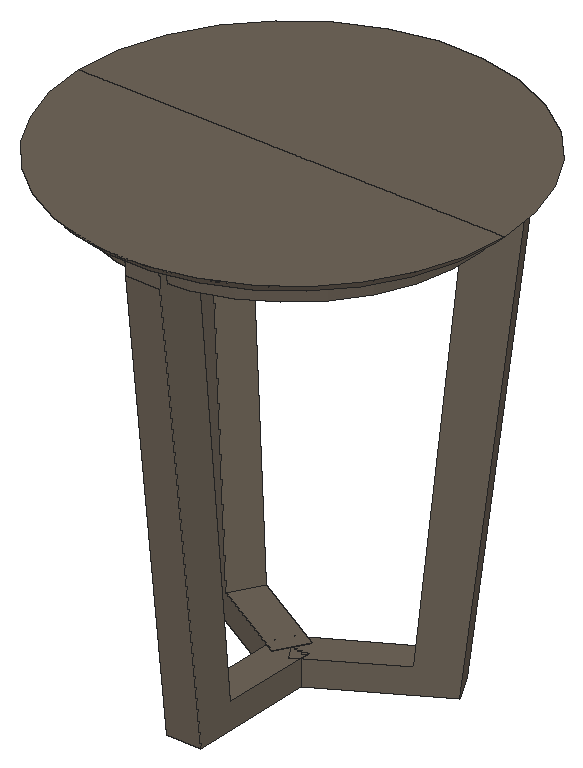
Revit family "FU_Table_Sandler_Trinity 1-2", category Furniture, Revit 2020
Family settings
  OmniClass Number = 23.40.20.00
  OmniClass Title = General Furniture and Specialties
  Work Plane-Based = No
  Always vertical = Yes
  Cut with Voids When Loaded = No
  Shared = No
  Room Calculation Point = No
Parameters (values of type "Trinity 1.2")
  Width = 500 mm
  URL = "https://www.sandlerseating.com/product/trinity-1-2/"
  Model = "Trinity 1.2"
  Manufacturer = "Sandler"
  Height = 550 mm
  Frame [instance] = Wood - Beech - Dark Walnut
  Description = "Wooden side table with circular top and three joining legs, available in multiple heights and sizes."
  Depth = Width  # 500 mm
  Default Elevation = 0 mm
Reference planes
  plane 1 "Center (Front/Back)": y = 0
  plane 2: z = 0
  plane 3 "Center (Left/Right)": x = 0
  plane 4 "Right": x = -250
  plane 5 "Left": x = 250
  plane 6 "Back": y = 250
  plane 7 "Front": y = -250
  plane 8 "Height": z = 550
  plane 9 "Seat height": z = 539.892
  plane 10 "Top Support Base": z = 510.256
Forms (mm)
  Revolve 1, solid, material "Wood - Beech - Dark Walnut" <- "Frame"
    sketch origin (0, 0, 0) x (1, 0, 0) y (0, 0, 1)
      loop
        line (-250, 550) -> (-239.892, 539.892) -> (0, 539.892) -> (0, 550) -> (-250, 550)
      axis (0, 550) -> (0, 539.892)
    angle from 0 to 360
  Extrusion 2, solid, material "Wood - Beech - Dark Walnut" <- "Frame"
    sketch origin (0, 0, 0) x (0, 1, 0) y (0, 0, 1)
      loop
        line (0, 30.03) -> (-116.093, 30.03) -> (-163.861, 510.256) -> (-208.24, 510.256) -> (-213.517, 539.892) -> (-221.229, 539.892) -> (-219.813, 510.184) -> (-159.203, 0) -> (0, 0) -> (0, 30.03)
    from -20 to 20
  Revolve 3, solid, material "Wood - Beech - Dark Walnut" <- "Frame"
    sketch origin (0, 0, 0) x (0, 1, 0) y (0, 0, 1)
      loop
        line (-213.517, 539.892) -> (-208.24, 510.256) -> (-163.861, 510.256) -> (-163.861, 539.892) -> (-213.517, 539.892)
      axis (0, 539.892) -> (0, 510.256)
    angle from 0 to 360
  Extrusion 4, solid, material "Wood - Beech - Dark Walnut" <- "Frame"
    sketch origin (0, 0, 0) x (-0.866025, -0.5, 0) y (0, 0, 1)
      loop
        line (0, 30.03) -> (-116.093, 30.03) -> (-163.861, 510.256) -> (-208.24, 510.256) -> (-213.517, 539.892) -> (-221.229, 539.892) -> (-219.813, 510.184) -> (-159.203, 0) -> (0, 0) -> (0, 30.03)
    from -20 to 20
  Extrusion 5, solid, material "Wood - Beech - Dark Walnut" <- "Frame"
    sketch origin (0, 0, 0) x (0.866025, -0.5, 0) y (0, 0, 1)
      loop
        line (0, 30.03) -> (-116.093, 30.03) -> (-163.861, 510.256) -> (-208.24, 510.256) -> (-213.517, 539.892) -> (-221.229, 539.892) -> (-219.813, 510.184) -> (-159.203, 0) -> (0, 0) -> (0, 30.03)
    from -20 to 20
Dimensions and locks
  equal spacing: plane 4 "Right", plane 3 "Center (Left/Right)", plane 5 "Left"
  "Width": plane 4 "Right" to plane 5 "Left"
  equal spacing: plane 6 "Back", plane 1 "Center (Front/Back)", plane 7 "Front"
  "Depth": plane 6 "Back" to plane 7 "Front"
  "Height": plane 8 "Height" to level
  locked: plane 8 "Height" to plane 9 "Seat height" at 10.108
  locked: plane 9 "Seat height" to plane 10 "Top Support Base" at 29.637
  aligned and locked: level to plane 2
  aligned and locked: plane 10 "Top Support Base" to Extrusion 2
  aligned and locked: plane 9 "Seat height" to Extrusion 2
Automatic sketch dimensions
  plane 4 "Right" to Revolve 1 sketch curve = 0 mm
  Revolve 1 sketch curve to plane 9 "Seat height" = 0 mm
  Revolve 1 sketch curve to plane 3 "Center (Left/Right)" = 0 mm  (x2)
  Revolve 1 sketch curve to plane 8 "Height" = 0 mm
  Revolve 1 sketch curve to plane 4 "Right" = 10.108 mm
  Revolve 1 sketch curve to plane 9 "Seat height" = 9.193 mm
  Revolve 1 sketch curve to Revolve 1 sketch curve = 15 mm
  Extrusion 2 sketch curve to Extrusion 2 sketch curve = 43.11 mm
  Extrusion 2 sketch curve to Extrusion 2 sketch curve = 7.712 mm
  Extrusion 2 sketch curve to Extrusion 2 sketch curve = 0.072 mm
  Extrusion 2 sketch curve to Extrusion 2 sketch curve = 11.573 mm
  Revolve 3 sketch curve to plane 9 "Seat height" = 0 mm
  Revolve 3 sketch curve to plane 1 "Center (Front/Back)" = 0 mm
  Revolve 3 sketch curve to plane 9 "Seat height" = 29.637 mm
  plane 7 "Front" to Revolve 3 sketch curve = 86.139 mm
  plane 7 "Front" to Revolve 3 sketch curve = 41.76 mm
  Revolve 3 sketch curve to Revolve 3 sketch curve = 5.277 mm
  Revolve 3 sketch curve to plane 9 "Seat height" = 70 mm
  plane 8 "Height" to Revolve 3 sketch curve = 44.892 mm
  Extrusion 2 sketch curve to Extrusion 2 sketch curve = 1.415 mm
  Extrusion 2 sketch curve to Extrusion 2 sketch curve = 49.037 mm
  Extrusion 2 sketch curve to Extrusion 2 sketch curve = 44.379 mm
  Extrusion 2 sketch curve to Extrusion 2 sketch curve = 116.093 mm
  Extrusion 2 sketch curve to Extrusion 2 sketch curve = 30.03 mm
  Extrusion 2 sketch curve to Extrusion 2 sketch curve = 480.154 mm
  Extrusion 2 sketch curve to Extrusion 2 sketch curve = 29.637 mm
  Extrusion 4 sketch curve to Extrusion 4 sketch curve = 43.11 mm
  Extrusion 4 sketch curve to Extrusion 4 sketch curve = 7.712 mm
  Extrusion 4 sketch curve to Extrusion 4 sketch curve = 0.072 mm
  Extrusion 4 sketch curve to Extrusion 4 sketch curve = 11.573 mm
  Extrusion 4 sketch curve to Extrusion 4 sketch curve = 1.415 mm
  Extrusion 4 sketch curve to Extrusion 4 sketch curve = 49.037 mm
  Extrusion 4 sketch curve to Extrusion 4 sketch curve = 44.379 mm
  Extrusion 4 sketch curve to Extrusion 4 sketch curve = 116.093 mm
  Extrusion 4 sketch curve to Extrusion 4 sketch curve = 30.03 mm
  Extrusion 4 sketch curve to Extrusion 4 sketch curve = 480.154 mm
  Extrusion 4 sketch curve to Extrusion 4 sketch curve = 29.637 mm
  Extrusion 5 sketch curve to Extrusion 5 sketch curve = 43.11 mm
  Extrusion 5 sketch curve to Extrusion 5 sketch curve = 7.712 mm
  Extrusion 5 sketch curve to Extrusion 5 sketch curve = 0.072 mm
  Extrusion 5 sketch curve to Extrusion 5 sketch curve = 11.573 mm
  Extrusion 5 sketch curve to Extrusion 5 sketch curve = 1.415 mm
  Extrusion 5 sketch curve to Extrusion 5 sketch curve = 49.037 mm
  Extrusion 5 sketch curve to Extrusion 5 sketch curve = 44.379 mm
  Extrusion 5 sketch curve to Extrusion 5 sketch curve = 116.093 mm
  Extrusion 5 sketch curve to Extrusion 5 sketch curve = 30.03 mm
  Extrusion 5 sketch curve to Extrusion 5 sketch curve = 480.154 mm
  Extrusion 5 sketch curve to Extrusion 5 sketch curve = 29.637 mm
